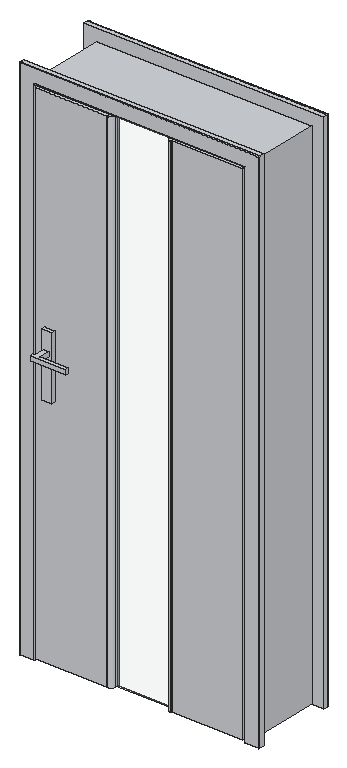
Revit family "PortaFOCUSbp_2_szyba", category Drzwi, Revit 2016
Family settings
  Obiekt nadrzędny = Ściana
  Zawsze pionowo = Tak
  Tnij formami wycięć po wczytaniu = Nie
  Współdzielony = Nie
  Punkt obliczania pomieszczeń = Nie
Parameters (values of type "PN 80")
  Zakres szerokości muru [instance] = if(and(Szerokość ściany > 94 mm, Szerokość ściany < 120 mm), "B", (if(and(Szerokość ściany > 119 mm, Szerokość ściany < 140 mm), "C", (if(and(Szerokość ściany > 139 mm, Szerokość ściany < 160 mm), "D", (if(and(Szerokość ściany > 159 mm, Szerokość ściany < 180 mm), "E", (if(and(Szerokość ściany > 179 mm, Szerokość ściany < 200 mm), "F", (if(and(Szerokość ściany > 199 mm, Szerokość ściany < 220 mm), "G", (if(and(Szerokość ściany > 219 mm, Szerokość ściany < 240 mm), "H", (if(and(Szerokość ściany > 239 mm, Szerokość ściany < 260 mm), "I", (if(and(Szerokość ściany > 259 mm, Szerokość ściany < 280 mm), "J", (if(and(Szerokość ściany > 279 mm, Szerokość ściany < 301 mm), "K", "BRAK")))))))))))))))))))  # "K"
  Wysokość brutto = 2060 mm
  Szerokość ściany [instance] = 300 mm
  Szerokość brutto = 880 mm
  Model = "Porta Focus 2 szyba matowa"
  Materiał_szyba = Szkło
  Konstrukcja analityczna = "<Brak>"
  Funkcja = Wewnętrzna
  URL = "www.porta.com.pl"
  Ss = 818 mm
  Sb = 846 mm
  Producent = "PORTA KMI POLAND"
  Keynote = ""
  Opis = "Własność Porta KMI Poland, wszelkie prawa zastrzeżone."  # constant formula
  Wysokość = 2016 mm
  Zakończenie ściany = Wg obiektu nadrzędnego
  Szerokość = 800 mm
  Materiał_skrzydło [instance] = none
  Materiał_ościeżnica [instance] = none
  Materiał_klamka [instance] = none
  Hs = 2017 mm
Types (5, lengths in mm): name | Szerokość brutto | Materiał_szyba | Ss | Sb | Szerokość
  PN 70 | 780 | none | 718 | 746 | 700
  PN 60 | 680 | none | 618 | 646 | 600
  PN 80 | 880 | Szkło | 818 | 846 | 800
  PN 90 | 980 | none | 918 | 946 | 900
  PN 100 | 1080 | none | 1018 | 1046 | 1000
Reference planes
  plane 1: y = 0
  plane 2 "Środek (Lewa/Prawa)": x = 0
  plane 3 "Lewy": x = -440
  plane 4 "Prawy": x = 440
  plane 5: z = 2060
  plane 6 "Zewnętrzna": y = 150
  plane 7 "Wewnętrzna": y = -150
  plane 8 "skrzydło": y = -129
Forms (mm)
  Sweep 1, solid, material <- "Materiał_ościeżnica"
    path in 3D
      loop
        line (-440, -150, 0) -> (-440, -150, 2060) -> (440, -150, 2060) -> (440, -150, 0)
    profile origin (-440, -150, 1030) x (0, -1, 0) y (1, 0, 0)
      loop
        line (-24, 39) -> (-72, 39) -> (-72, 17) -> (0, 17) -> (0, -33) -> (16, -33)
        arc (16, -33) -> (18.121, -32.121) -> (19, -30) r 3
        line (19, -30) -> (19, 24)
        arc (19, 24) -> (18.121, 26.121) -> (16, 27) r 3
        line (16, 27) -> (-24, 27) -> (-24, 39)
  Sweep 2, solid, material <- "Materiał_ościeżnica"
    path in 3D
      loop
        line (440, 150, 0) -> (440, 150, 2060) -> (-440, 150, 2060) -> (-440, 150, 0)
    profile origin (-440, 150, 1030) x (1, 0, 0) y (0, 1, 0)
      loop
        line (-33, 0) -> (17, 0) -> (17, -228) -> (39, -228) -> (39, -1)
        arc (39, -1) -> (37.536, 2.536) -> (34, 4) r 5
        line (34, 4) -> (25, 4) -> (25, 16)
        arc (25, 16) -> (24.121, 18.121) -> (22, 19) r 3
        line (22, 19) -> (-30, 19)
        arc (-30, 19) -> (-32.121, 18.121) -> (-33, 16) r 3
        line (-33, 16) -> (-33, 0)
  Sweep 3, solid, not visible
    path in 3D
      loop
        line (-440, -150, 0) -> (-440, -150, 2060)
    profile origin (-440, -150, 1030) x (0, -1, 0) y (1, 0, 0)
      loop
        line (-151, 17) -> (-149, 17) -> (-149, 19) -> (-151, 19) -> (-151, 17)
Cuts and joins
  joined: Sweep 1, Sweep 2
Lines and regions (mm)
  Opening 1
    outline origin (-3050, -150, 0) x (1, 0, 0) y (0, 0, 1)
      loop
        line (2610, 0) -> (3490, 0) -> (3490, 2060) -> (2610, 2060) -> (2610, 0)
  sketch lines
    curve 1: line (-440, -150, 0) -> (-440, -150, 2060)
    curve 2: line (-440, -150, 2060) -> (440, -150, 2060)
    curve 3: line (440, -150, 2060) -> (440, -150, 0)
    curve 4: line (-440, 150, 2060) -> (-440, 150, 0)
    curve 5: line (440, 150, 2060) -> (-440, 150, 2060)
    curve 6: line (440, 150, 0) -> (440, 150, 2060)
    curve 12: line (-440, -150, 0) -> (-440, -150, 2060)
  symbolic lines, style "DoorsPanelProjection"
    curve 7: line (409, -150, 0) -> (409, -968, 0)
    curve 8: line (409, -968, 0) -> (369, -968, 0)
    curve 9: line (369, -968, 0) -> (369, -150, 0)
    curve 10: line (369, -150, 0) -> (409, -150, 0)
  symbolic lines, style "Ugięcie rzutu"
    curve 11: arc (-409, -150, 0) -> (-169.413, -728.413, 0) -> (409, -968, 0) r 818
Text (mm)
  text "Zewnętrzna" at (-2295.016, 1099.543, 0), in view "Poziom odniesienia"
  text "Zewnętrzna" at (0, 1615.38, 3698.081), in view "Lewy"
  text "Zewnętrzna" at (0, 1036.032, 3874.932), in view "Prawy"
Dimensions and locks
  equal spacing: plane 3 "Lewy", plane 2 "Środek (Lewa/Prawa)", plane 4 "Prawy"
  "Szerokość brutto": plane 3 "Lewy" to plane 4 "Prawy"
  "Wysokość brutto": plane 5 to host wall
  host wall to plane 5 = 2060 mm  (x2)
  locked: plane 6 "Zewnętrzna" to host wall at 0
  locked: plane 7 "Wewnętrzna" to host wall
  "Sb": Sweep 1 to Sweep 1
  locked: Sweep 1 sketch curve to Sweep 1 sketch curve at 22
  Sweep 1 sketch curve to Sweep 1 sketch curve = 50 mm
  locked: Sweep 1 sketch curve to profile plane at 72
  locked: Sweep 2 sketch curve to Sweep 2 sketch curve at 50
  locked: Sweep 2 sketch curve to Sweep 2 sketch curve at 22
  locked: Sweep 2 sketch curve to plane 6 "Zewnętrzna" at 1
  locked: curve 9 to curve 7 at 40
  "Ss": curve 8 to curve 10
  equal spacing: curve 11, plane 2 "Środek (Lewa/Prawa)", curve 7
  locked: plane 7 "Wewnętrzna" to plane 8 "skrzydło" at 21
  locked: host wall to Sweep 3 sketch curve at 1
  locked: Sweep 3 sketch curve to host wall at 1
  locked: Sweep 3 sketch curve to plane 6 "Zewnętrzna" at 151
  locked: plane 7 "Wewnętrzna" to Sweep 3 sketch curve at 151
  nested 1 to plane 2 "Środek (Lewa/Prawa)" to nested 1 = 409 mm, 409 mm
  locked: nested 1 to level at 8
  "Szerokość ściany": host wall to host wall
  aligned and locked: plane 3 "Lewy" to Opening 1 sketch curve
  aligned and locked: plane 5 to Opening 1 sketch curve  (x2)
  aligned and locked: Opening 1 sketch curve to plane 4 "Prawy"
  aligned and locked: Opening 1 sketch curve to level
  aligned and locked: plane 1 to host wall
  aligned and locked: Sweep 1 to Sweep 2 sketch curve
  aligned and locked: plane 7 "Wewnętrzna" to curve 10
  aligned and locked: Sweep 3 sketch curve to cut or joined group of Sweep 1, Sweep 2
  aligned and locked: Sweep 2 sketch curve to cut or joined group of Sweep 1, Sweep 2
  aligned and locked: nested 1 to plane 8 "skrzydło"
  aligned and locked: plane 2 "Środek (Lewa/Prawa)" to nested 1
Automatic sketch dimensions
  profile plane to Sweep 1 sketch curve = 24 mm
  Sweep 1 sketch curve to profile plane = 16 mm  (x2)
  Sweep 1 sketch curve to Sweep 1 sketch curve = 3 mm
  profile plane to Sweep 1 sketch curve = 17 mm
  Sweep 1 sketch curve to Sweep 1 sketch curve = 7 mm
  Sweep 1 sketch curve to profile plane = 0 mm
  Sweep 2 sketch curve to profile plane = 0 mm
  Sweep 2 sketch curve to profile plane = 16 mm
  Sweep 2 sketch curve to Sweep 2 sketch curve = 3 mm
  Sweep 2 sketch curve to Sweep 2 sketch curve = 5 mm
  Sweep 2 sketch curve to profile plane = 4 mm
  Sweep 2 sketch curve to Sweep 2 sketch curve = 8 mm
  curve 11 to host wall = 0 mm
  Sweep 3 sketch curve to Sweep 3 sketch curve = 2 mm
Nested families
  nested 1: "skrzydło" at (0, -135.5, 0), type "skrzydło"
Definition of nested family "skrzydło"
  Parameters
    Ss = 818 mm
    Materiał_skrzydło = none
    Materiał_klamka = none
    Materiał wzór = none
    Materiał szyba = none
    Hs = 2017 mm
  Reference planes
    plane 1 "Tył": y = 6.5
    plane 2: z = 0
    plane 3 "Środek (Lewa/Prawa)": x = 0
    plane 4 "Przód": y = -33.5
    plane 5: z = 2025
    plane 6 "Centrum": y = -13.5
    plane 7: z = 8
    plane 8: x = -409
    plane 9: x = 409
    plane 10: x = -105
    plane 11: x = 105
  Forms (mm)
    Extrusion 1, solid, material <- "Materiał_skrzydło"
      sketch origin (-1191.728, -1524, 8) x (-1, 0, 0) y (0, -1, 0)
        loop
          arc (-1063.297, -1490.5) -> (-1063.663, -1489.616) -> (-1064.547, -1489.25) r 1.25
          line (-1064.547, -1489.25) -> (-1066.918, -1489.25)
          arc (-1066.918, -1489.25) -> (-1080.051, -1494.167) -> (-1086.728, -1506.5) r 20
          line (-1086.728, -1506.5) -> (-1086.728, -1514.5)
          arc (-1086.728, -1514.5) -> (-1080.051, -1526.833) -> (-1066.918, -1531.75) r 20
          line (-1066.918, -1531.75) -> (-1064.547, -1531.75)
          arc (-1064.547, -1531.75) -> (-1063.663, -1531.384) -> (-1063.297, -1530.5) r 1.25
          line (-1063.297, -1530.5) -> (-782.728, -1530.5) -> (-782.728, -1490.5) -> (-1063.297, -1490.5)
        loop
          line (-1600.728, -1530.5) -> (-1320.158, -1530.5)
          arc (-1320.158, -1530.5) -> (-1319.792, -1531.384) -> (-1318.908, -1531.75) r 1.25
          line (-1318.908, -1531.75) -> (-1316.538, -1531.75)
          arc (-1316.538, -1531.75) -> (-1303.404, -1526.833) -> (-1296.728, -1514.5) r 20
          line (-1296.728, -1514.5) -> (-1296.728, -1506.5)
          arc (-1296.728, -1506.5) -> (-1303.404, -1494.167) -> (-1316.538, -1489.25) r 20
          line (-1316.538, -1489.25) -> (-1318.908, -1489.25)
          arc (-1318.908, -1489.25) -> (-1319.792, -1489.616) -> (-1320.158, -1490.5) r 1.25
          line (-1320.158, -1490.5) -> (-1600.728, -1490.5) -> (-1600.728, -1530.5)
      from 0 to 2017
    Extrusion 2, solid, material <- "Materiał szyba"
      sketch origin (-892.016, -13.5, 1200) x (-1, 0, 0) y (0, 0, 1)
        loop
          line (-787.016, 825) -> (-997.016, 825) -> (-997.016, -1192) -> (-787.016, -1192) -> (-787.016, 825)
      from -4 to 4
  Dimensions and locks
    locked: plane 7 to level at 8
    "Hs": plane 5 to plane 7
    locked: nested 1 to plane 7 at 934
    locked: plane 7 to nested 2 at 934
    equal spacing: plane 4 "Przód", plane 6 "Centrum", plane 1 "Tył"
    equal spacing: plane 8, plane 3 "Środek (Lewa/Prawa)", plane 9
    "Ss": plane 8 to plane 9
    locked: plane 8 to nested 1 at 55
    locked: plane 8 to nested 2 at 55
    equal spacing: plane 10, plane 3 "Środek (Lewa/Prawa)", plane 11
    locked: plane 10 to plane 11 at 210
    aligned and locked: nested 1 to plane 4 "Przód"
    aligned and locked: plane 5 to Extrusion 1
    aligned and locked: nested 2 to nested 1
    aligned and locked: Extrusion 1 sketch curve to plane 8
    aligned and locked: Extrusion 1 sketch curve to plane 9
    aligned and locked: plane 10 to Extrusion 1 sketch curve
    aligned and locked: Extrusion 1 sketch curve to plane 1 "Tył"
    aligned and locked: Extrusion 1 sketch curve to plane 4 "Przód"
    aligned and locked: Extrusion 1 sketch curve to plane 11
    aligned and locked: plane 10 to Extrusion 2 sketch curve
    aligned and locked: Extrusion 2 sketch curve to plane 11
    aligned and locked: plane 5 to Extrusion 2 sketch curve
    aligned and locked: plane 7 to Extrusion 2 sketch curve
  Automatic sketch dimensions
    Extrusion 1 sketch curve to plane 11 = 23.431 mm
    Extrusion 1 sketch curve to plane 1 "Tył" = 1.25 mm  (x2)
    Extrusion 1 sketch curve to Extrusion 1 sketch curve = 1.25 mm
    Extrusion 1 sketch curve to Extrusion 1 sketch curve = 2.371 mm  (x4)
    Extrusion 1 sketch curve to plane 6 "Centrum" = 1.25 mm
    Extrusion 1 sketch curve to plane 10 = 19.81 mm  (x2)
    Extrusion 1 sketch curve to plane 4 "Przód" = 1.25 mm
    plane 6 "Centrum" to Extrusion 1 sketch curve = 4 mm  (x2)
    Extrusion 1 sketch curve to Extrusion 1 sketch curve = 2.5 mm
    plane 1 "Tył" to Extrusion 1 sketch curve = 0 mm
    Extrusion 1 sketch curve to plane 4 "Przód" = 0 mm
    Extrusion 1 sketch curve to Extrusion 1 sketch curve = 3.621 mm
  Nested families
    nested 1: "KLAMKA" at (-354, -33.5, 1067), Materiał klamki <- "Materiał_klamka", type "KLAMKA"
      with Materiał klamki none
    nested 2: "KLAMKA" at (-354, 6.5, 1067), Materiał klamki <- "Materiał_klamka", type "KLAMKA"
      with Materiał klamki none
  Definition of nested family "KLAMKA"
    Parameters
      Materiał klamki [instance] = none
      Assembly Code = ""
      Default Elevation = 1219.2 mm
    Reference planes
      plane 1 "Center (Front/Back)": y = 0
      plane 2: z = 0
      plane 3 "Center (Left/Right)": x = 0
      plane 4: z = 125
      plane 5: z = -125
      plane 6: x = 20
      plane 7: x = -20
      plane 8: y = -70
      plane 9: y = -60
      plane 10: x = 10
      plane 11: x = -10
      plane 12: x = 120
      plane 13: z = 35
      plane 14: z = 55
      plane 15: y = -15
    Forms (mm)
      Extrusion 1, solid, material <- "Materiał klamki"
        sketch origin (0, 0, 0) x (1, 0, 0) y (0, 0, 1)
          loop
            line (-20, 125) -> (-20, -125) -> (20, -125) -> (20, 125) -> (-20, 125)
        from 0 to 15
      Extrusion 2, solid, material <- "Materiał klamki"
        sketch origin (0, 0, 0) x (1, 0, 0) y (0, 1, 0)
          loop
            line (-10, -15) -> (-10, -60) -> (-20, -60) -> (-20, -70) -> (120, -70) -> (120, -60) -> (10, -60) -> (10, -15) -> (-10, -15)
        from 35 to 55
    Dimensions and locks
      equal spacing: plane 4, plane 2, plane 5
      plane 4 to plane 5 = 250 mm
      equal spacing: plane 7, plane 3 "Center (Left/Right)", plane 6
      plane 7 to plane 6 = 40 mm
      plane 8 to plane 1 "Center (Front/Back)" = 70 mm
      plane 11 to plane 3 "Center (Left/Right)" to plane 10 = 10 mm locked, 10 mm locked
      plane 7 to plane 12 = 140 mm
      plane 15 to plane 1 "Center (Front/Back)" = 15 mm
      aligned and locked: plane 7 to Extrusion 1 sketch curve
      aligned and locked: Extrusion 1 sketch curve to plane 4
      aligned and locked: plane 5 to Extrusion 1 sketch curve
      aligned and locked: Extrusion 1 sketch curve to plane 6
      aligned and locked: plane 15 to Extrusion 1
      aligned and locked: Extrusion 1 to plane 1 "Center (Front/Back)"
      aligned and locked: plane 14 to Extrusion 2
      aligned and locked: Extrusion 2 to plane 13
    Automatic sketch dimensions
      Extrusion 2 sketch curve to plane 7 = 0 mm
      Extrusion 2 sketch curve to plane 9 = 0 mm  (x2)
      Extrusion 2 sketch curve to plane 11 = 0 mm
      Extrusion 2 sketch curve to plane 10 = 0 mm
      Extrusion 2 sketch curve to plane 12 = 0 mm
      Extrusion 2 sketch curve to plane 8 = 0 mm
      Extrusion 2 sketch curve to plane 15 = 0 mm
